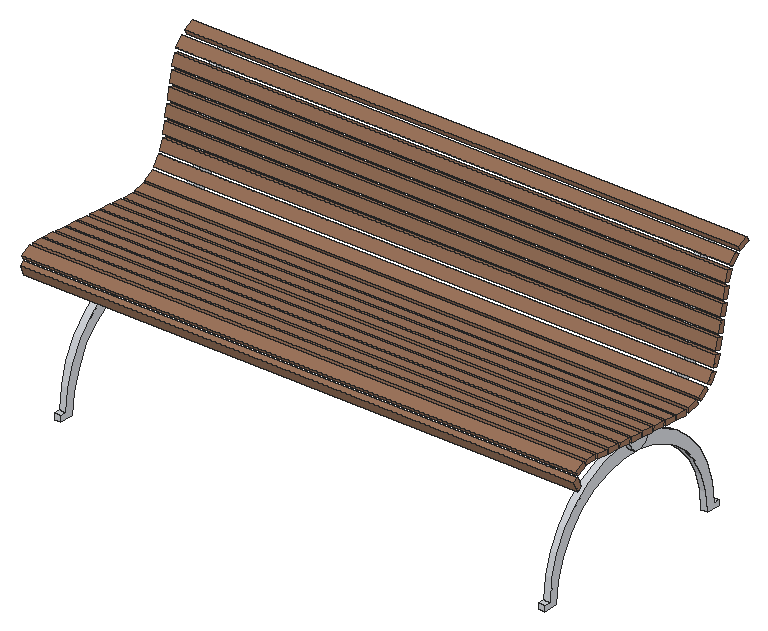
Revit family
Parameters
  Wood = Wood
  URL = "http://www.streetfurniture.com/index.php/products/display/seats/galleria-seat"
  Model = "Galleria"
  Metal = none
  Manufacturer = "Street Furtniture Australia"
  Made = "www.revittutorialsonline.com"
  Description = "Seat"
Reference planes
  plane 1 "Center (Front/Back)": y = 0
  plane 2: z = 0
  plane 3 "Center (Left/Right)": x = 0
Forms (mm)
  Extrusion 1, solid, not visible
    sketch origin (124.683, 0, -0.003) x (0, -1, 0) y (0, 0, 1)
      loop
        circle (0, 340) r 35
    from 0 to 250
  Extrusion 2, solid, not visible
    sketch origin (124.683, -181.142, -64.926) x (0, -0.996485, -0.083769) y (0, -0.083769, 0.996485)
      loop
        line (-346.061, 472.198) -> (-346.061, 457.198) -> (-311.061, 457.198) -> (-311.061, 472.198) -> (-346.061, 472.198)
    from 0 to 250
  Extrusion 3, solid, not visible
    sketch origin (124.683, -225.983, -68.695) x (0, -0.996485, -0.083769) y (0, -0.083769, 0.996485)
      loop
        line (-346.061, 472.198) -> (-346.061, 457.198) -> (-311.061, 457.198) -> (-311.061, 472.198) -> (-346.061, 472.198)
    from 0 to 250
  Extrusion 4, solid, not visible
    sketch origin (124.683, -270.825, -72.465) x (0, -0.996485, -0.083769) y (0, -0.083769, 0.996485)
      loop
        line (-346.061, 472.198) -> (-346.061, 457.198) -> (-311.061, 457.198) -> (-311.061, 472.198) -> (-346.061, 472.198)
    from 0 to 250
  Extrusion 5, solid, not visible
    sketch origin (124.683, -315.667, -76.235) x (0, -0.996485, -0.083769) y (0, -0.083769, 0.996485)
      loop
        line (-346.061, 472.198) -> (-346.061, 457.198) -> (-311.061, 457.198) -> (-311.061, 472.198) -> (-346.061, 472.198)
    from 0 to 250
  Extrusion 6, solid, not visible
    sketch origin (124.683, -360.509, -80.004) x (0, -0.996485, -0.083769) y (0, -0.083769, 0.996485)
      loop
        line (-346.061, 472.198) -> (-346.061, 457.198) -> (-311.061, 457.198) -> (-311.061, 472.198) -> (-346.061, 472.198)
    from 0 to 250
  Extrusion 7, solid, not visible
    sketch origin (124.683, -136.3, -61.156) x (0, -0.996485, -0.083769) y (0, -0.083769, 0.996485)
      loop
        line (-346.061, 472.198) -> (-346.061, 457.198) -> (-311.061, 457.198) -> (-311.061, 472.198) -> (-346.061, 472.198)
    from 0 to 250
  Extrusion 8, solid, not visible
    sketch origin (124.683, -91.458, -57.387) x (0, -0.996485, -0.083769) y (0, -0.083769, 0.996485)
      loop
        line (-346.061, 472.198) -> (-346.061, 457.198) -> (-311.061, 457.198) -> (-311.061, 472.198) -> (-346.061, 472.198)
    from 0 to 250
  Extrusion 9, solid, not visible
    sketch origin (124.683, -46.616, -53.617) x (0, -0.996485, -0.083769) y (0, -0.083769, 0.996485)
      loop
        line (-346.061, 472.198) -> (-346.061, 457.198) -> (-311.061, 457.198) -> (-311.061, 472.198) -> (-346.061, 472.198)
    from 0 to 250
  Extrusion 10, solid, not visible
    sketch origin (124.683, -18.72, -39.481) x (0, -0.998802, -0.048942) y (0, -0.048942, 0.998802)
      loop
        line (-346.061, 472.198) -> (-346.061, 457.198) -> (-311.061, 457.198) -> (-311.061, 472.198) -> (-346.061, 472.198)
    from 0 to 250
  Extrusion 11, solid, not visible
    sketch origin (124.683, -172.86, 160.052) x (0, -0.897299, 0.441423) y (0, 0.441423, 0.897299)
      loop
        line (-346.061, 472.198) -> (-346.061, 457.198) -> (-311.061, 457.198) -> (-311.061, 472.198) -> (-346.061, 472.198)
    from 0 to 250
  Extrusion 12, solid, not visible
    sketch origin (124.683, 46.439, 881.236) x (0, 0.403199, 0.915112) y (0, 0.915112, -0.403199)
      loop
        line (-346.061, 472.198) -> (-346.061, 457.198) -> (-311.061, 457.198) -> (-311.061, 472.198) -> (-346.061, 472.198)
    from 0 to 250
  Extrusion 13, solid, not visible
    sketch origin (124.683, -536.828, 29.457) x (0, -0.977435, 0.211235) y (0, 0.211235, 0.977435)
      loop
        line (-346.061, 472.198) -> (-346.061, 457.198) -> (-311.061, 457.198) -> (-311.061, 472.198) -> (-346.061, 472.198)
    from 0 to 250
  Extrusion 14, solid, not visible
    sketch origin (124.683, -153.824, -136.91) x (0, 0.821097, -0.570789) y (0, -0.570789, -0.821097)
      loop
        line (-346.061, -472.198) -> (-311.061, -472.198) -> (-311.061, -457.198) -> (-346.061, -457.198) -> (-346.061, -472.198)
    from 0 to 250
  Extrusion 15, solid, not visible
    sketch origin (124.683, -759.547, 468.171) x (0, -0.570789, 0.821097) y (0, 0.821097, 0.570789)
      loop
        line (-346.061, 472.198) -> (-346.061, 457.198) -> (-311.061, 457.198) -> (-311.061, 472.198) -> (-346.061, 472.198)
    from 0 to 250
  Extrusion 16, solid, not visible
    sketch origin (124.683, -556.886, 52.036) x (0, 0.29562, -0.955306) y (0, -0.955306, -0.29562)
      loop
        line (-346.061, -472.198) -> (-311.061, -472.198) -> (-311.061, -457.198) -> (-346.061, -457.198) -> (-346.061, -472.198)
    from 0 to 250
  Extrusion 17, solid, not visible
    sketch origin (124.683, -743.095, 771.444) x (0, -0.207912, 0.978148) y (0, 0.978148, 0.207912)
      loop
        line (-346.061, 472.198) -> (-346.061, 457.198) -> (-311.061, 457.198) -> (-311.061, 472.198) -> (-346.061, 472.198)
    from 0 to 250
  Extrusion 18, solid, not visible
    sketch origin (124.683, -752.451, 815.46) x (0, -0.207912, 0.978148) y (0, 0.978148, 0.207912)
      loop
        line (-346.061, 472.198) -> (-346.061, 457.198) -> (-311.061, 457.198) -> (-311.061, 472.198) -> (-346.061, 472.198)
    from 0 to 250
  Extrusion 19, solid, not visible
    sketch origin (124.683, -761.807, 859.477) x (0, -0.207912, 0.978148) y (0, 0.978148, 0.207912)
      loop
        line (-346.061, 472.198) -> (-346.061, 457.198) -> (-311.061, 457.198) -> (-311.061, 472.198) -> (-346.061, 472.198)
    from 0 to 250
  Extrusion 20, solid, not visible
    sketch origin (124.683, -771.163, 903.494) x (0, -0.207912, 0.978148) y (0, 0.978148, 0.207912)
      loop
        line (-346.061, 472.198) -> (-346.061, 457.198) -> (-311.061, 457.198) -> (-311.061, 472.198) -> (-346.061, 472.198)
    from 0 to 250
  Extrusion 21, solid, not visible
    sketch origin (124.683, -798.432, 901.085) x (0, -0.292372, 0.956305) y (0, 0.956305, 0.292372)
      loop
        line (-346.061, 472.198) -> (-346.061, 457.198) -> (-311.061, 457.198) -> (-311.061, 472.198) -> (-346.061, 472.198)
    from 0 to 250
  Extrusion 22, solid, not visible
    sketch origin (124.683, -404.841, 206.282) x (0, 0.669131, -0.743145) y (0, -0.743145, -0.669131)
      loop
        line (-346.061, -472.198) -> (-311.061, -472.198) -> (-311.061, -457.198) -> (-346.061, -457.198) -> (-346.061, -472.198)
    from 0 to 250
  Extrusion 23, solid, not visible
    sketch origin (124.683, -800.773, 488.436) x (0, -0.920505, 0.390731) y (0, 0.390731, 0.920505)
      loop
        line (-346.061, 472.198) -> (-346.061, 457.198) -> (-311.061, 457.198) -> (-311.061, 472.198) -> (-346.061, 472.198)
    from 0 to 250
  Extrusion 24, solid, material <- "Metal"
    sketch origin (875, 7.5, 6.25) x (0, -1, 0) y (0, 0, 1)
      loop
        circle (0, 340) r 35
    from 84.151 to 1665
  Extrusion 25, solid, material "Wood" <- "Wood"
    sketch origin (875, -181.142, -64.922) x (0, -0.996485, -0.083769) y (0, -0.083769, 0.996485)
      loop
        line (-98.639, 492.997) -> (-133.148, 487.154) -> (-130.644, 472.364) -> (-96.135, 478.208) -> (-98.639, 492.997)
    from 0 to 1750
  Extrusion 26, solid, material "Wood" <- "Wood"
    sketch origin (875, -225.983, -68.692) x (0, -0.996485, -0.083769) y (0, -0.083769, 0.996485)
      loop
        line (-188.008, 485.484) -> (-222.517, 479.641) -> (-220.012, 464.852) -> (-185.503, 470.695) -> (-188.008, 485.484)
    from 0 to 1750
  Extrusion 27, solid, material "Wood" <- "Wood"
    sketch origin (875, -270.825, -72.462) x (0, -0.996485, -0.083769) y (0, -0.083769, 0.996485)
      loop
        line (-277.376, 477.972) -> (-311.885, 472.128) -> (-309.381, 457.339) -> (-274.872, 463.182) -> (-277.376, 477.972)
    from 0 to 1750
  Extrusion 28, solid, material "Wood" <- "Wood"
    sketch origin (875, -315.667, -76.231) x (0, -0.996485, -0.083769) y (0, -0.083769, 0.996485)
      loop
        line (-366.745, 470.459) -> (-401.253, 464.616) -> (-398.749, 449.826) -> (-364.24, 455.669) -> (-366.745, 470.459)
    from 0 to 1750
  Extrusion 29, solid, material "Wood" <- "Wood"
    sketch origin (875, -360.509, -80.001) x (0, -0.996485, -0.083769) y (0, -0.083769, 0.996485)
      loop
        line (-456.113, 462.946) -> (-490.622, 457.103) -> (-488.118, 442.313) -> (-453.609, 448.157) -> (-456.113, 462.946)
    from 0 to 1750
  Extrusion 30, solid, material "Wood" <- "Wood"
    sketch origin (875, -136.3, -61.153) x (0, -0.996485, -0.083769) y (0, -0.083769, 0.996485)
      loop
        line (-9.271, 500.51) -> (-43.78, 494.667) -> (-41.275, 479.877) -> (-6.767, 485.72) -> (-9.271, 500.51)
    from 0 to 1750
  Extrusion 31, solid, material "Wood" <- "Wood"
    sketch origin (875, -91.458, -57.383) x (0, -0.996485, -0.083769) y (0, -0.083769, 0.996485)
      loop
        line (80.098, 508.023) -> (45.589, 502.179) -> (48.093, 487.39) -> (82.602, 493.233) -> (80.098, 508.023)
    from 0 to 1750
  Extrusion 32, solid, material "Wood" <- "Wood"
    sketch origin (875, -46.616, -53.614) x (0, -0.996485, -0.083769) y (0, -0.083769, 0.996485)
      loop
        line (169.466, 515.535) -> (134.957, 509.692) -> (137.462, 494.903) -> (171.97, 500.746) -> (169.466, 515.535)
    from 0 to 1750
  Extrusion 33, solid, material "Wood" <- "Wood"
    sketch origin (875, -18.72, -39.477) x (0, -0.998802, -0.048942) y (0, -0.048942, 0.998802)
      loop
        line (260.843, 501.936) -> (226.011, 498.514) -> (227.478, 483.586) -> (262.31, 487.008) -> (260.843, 501.936)
    from 0 to 1750
  Extrusion 34, solid, material "Wood" <- "Wood"
    sketch origin (875, -172.86, 160.055) x (0, -0.897299, 0.441423) y (0, 0.441423, 0.897299)
      loop
        line (275.048, 166.645) -> (253.687, 194.371) -> (241.805, 185.217) -> (263.165, 157.491) -> (275.048, 166.645)
    from 0 to 1750
  Extrusion 35, solid, material "Wood" <- "Wood"
    sketch origin (875, 46.439, 881.239) x (0, 0.403199, 0.915112) y (0, 0.915112, -0.403199)
      loop
        line (-619.447, -148.288) -> (-595.827, -174.116) -> (-584.758, -163.993) -> (-608.378, -138.165) -> (-619.447, -148.288)
    from 0 to 1750
  Extrusion 36, solid, material "Wood" <- "Wood"
    sketch origin (875, -536.828, 29.461) x (0, -0.977435, 0.211235) y (0, 0.211235, 0.977435)
      loop
        line (-539.263, 513.951) -> (-571.14, 528.404) -> (-577.334, 514.742) -> (-545.458, 500.29) -> (-539.263, 513.951)
    from 0 to 1750
  Extrusion 37, solid, material "Wood" <- "Wood"
    sketch origin (875, -153.824, -136.907) x (0, 0.821097, -0.570789) y (0, -0.570789, -0.821097)
      loop
        line (-69.436, -664.494) -> (-55.376, -659.268) -> (-67.57, -626.461) -> (-81.63, -631.687) -> (-69.436, -664.494)
    from 0 to 1750
  Extrusion 38, solid, material "Wood" <- "Wood"
    sketch origin (875, -759.547, 468.174) x (0, -0.570789, 0.821097) y (0, 0.821097, 0.570789)
      loop
        line (-545.038, 758.431) -> (-532.844, 791.239) -> (-546.904, 796.465) -> (-559.098, 763.657) -> (-545.038, 758.431)
    from 0 to 1750
  Extrusion 39, solid, material "Wood" <- "Wood"
    sketch origin (875, -556.886, 52.04) x (0, 0.29562, -0.955306) y (0, -0.955306, -0.29562)
      loop
        line (-223.026, -869.787) -> (-214.554, -882.165) -> (-185.672, -862.397) -> (-194.144, -850.018) -> (-223.026, -869.787)
    from 0 to 1750
  Extrusion 40, solid, material "Wood" <- "Wood"
    sketch origin (875, -743.095, 771.447) x (0, -0.207912, 0.978148) y (0, 0.978148, 0.207912)
      loop
        line (-433.079, 881.584) -> (-401.105, 895.82) -> (-407.206, 909.523) -> (-439.18, 895.287) -> (-433.079, 881.584)
    from 0 to 1750
  Extrusion 41, solid, material "Wood" <- "Wood"
    sketch origin (875, -752.451, 815.464) x (0, -0.207912, 0.978148) y (0, 0.978148, 0.207912)
      loop
        line (-436.969, 899.887) -> (-404.995, 914.123) -> (-411.096, 927.826) -> (-443.07, 913.59) -> (-436.969, 899.887)
    from 0 to 1750
  Extrusion 42, solid, material "Wood" <- "Wood"
    sketch origin (875, -761.807, 859.48) x (0, -0.207912, 0.978148) y (0, 0.978148, 0.207912)
      loop
        line (-440.86, 918.19) -> (-408.885, 932.426) -> (-414.986, 946.129) -> (-446.961, 931.893) -> (-440.86, 918.19)
    from 0 to 1750
  Extrusion 43, solid, material "Wood" <- "Wood"
    sketch origin (875, -771.163, 903.497) x (0, -0.207912, 0.978148) y (0, 0.978148, 0.207912)
      loop
        line (-444.75, 936.493) -> (-412.776, 950.729) -> (-418.877, 964.432) -> (-450.851, 950.197) -> (-444.75, 936.493)
    from 0 to 1750
  Extrusion 44, solid, material "Wood" <- "Wood"
    sketch origin (875, -798.432, 901.089) x (0, -0.292372, 0.956305) y (0, 0.956305, 0.292372)
      loop
        line (-489.726, 942.104) -> (-460.709, 961.676) -> (-469.097, 974.111) -> (-498.113, 954.539) -> (-489.726, 942.104)
    from 0 to 1750
  Extrusion 45, solid, material "Wood" <- "Wood"
    sketch origin (875, -404.841, 206.285) x (0, 0.669131, -0.743145) y (0, -0.743145, -0.669131)
      loop
        line (36, -896.519) -> (50.917, -898.087) -> (54.576, -863.278) -> (39.658, -861.71) -> (36, -896.519)
    from 0 to 1750
  Extrusion 46, solid, material "Wood" <- "Wood"
    sketch origin (875, -800.773, 488.439) x (0, -0.920505, 0.390731) y (0, 0.390731, 0.920505)
      loop
        line (-894.166, 704.855) -> (-918.48, 730.032) -> (-929.27, 719.612) -> (-904.957, 694.435) -> (-894.166, 704.855)
    from 0 to 1750
  Extrusion 47, solid, material <- "Metal"
    sketch origin (875, 0, 0) x (0, 1, 0) y (0, 0, 1)
      loop
        line (299.839, 0) -> (342.076, 0) -> (342.076, 17.924) -> (322.076, 17.924)
        arc (322.076, 17.924) -> (247.532, 223.984) -> (58.408, 334.66) r 322.076
        arc (58.408, 334.66) -> (50.31, 345.821) -> (61.059, 354.459) r 10
        line (61.059, 354.459) -> (87.878, 352.204)
        arc (87.878, 352.204) -> (204.302, 393.432) -> (268.835, 498.741) r 185
        line (268.835, 498.741) -> (295.037, 712.138)
        arc (295.037, 712.138) -> (304.925, 736.469) -> (325.719, 752.511) r 50.353
        arc (325.719, 752.511) -> (336.505, 767.199) -> (328.499, 783.569) r 17.601
        arc (328.499, 783.569) -> (286.509, 758.587) -> (263.759, 715.348) r 90
        line (263.759, 715.348) -> (219.928, 509.136)
        arc (219.928, 509.136) -> (168.363, 428.82) -> (76.569, 402.679) r 135
        line (76.569, 402.679) -> (-284.487, 433.031)
        arc (-284.487, 433.031) -> (-307.63, 431.375) -> (-329.16, 422.724) r 75
        arc (-329.16, 422.724) -> (-336.49, 413.614) -> (-335.053, 402.01) r 15
        line (-335.053, 402.01) -> (-322.553, 380.359)
        arc (-322.553, 380.359) -> (-312.308, 377.614) -> (-309.563, 387.859) r 7.5
        arc (-309.563, 387.859) -> (-308.935, 402.228) -> (-295.647, 407.732) r 13.384
        line (-295.647, 407.732) -> (-48.715, 359.733)
        arc (-48.715, 359.733) -> (-39.06, 347.788) -> (-49.17, 336.225) r 11.934
        arc (-49.17, 336.225) -> (-244.509, 227.562) -> (-322.076, 17.924) r 322.076
        line (-322.076, 17.924) -> (-342.076, 17.924) -> (-342.076, 0) -> (-299.839, 0)
        arc (-299.839, 0) -> (0, 299.839) -> (299.839, 0) r 299.839
      loop
        circle (7.5, 346.25) r 35
    from -120.026 to -99.518
  Extrusion 48, solid, material <- "Metal"
    sketch origin (-875, 0, 0) x (0, 1, 0) y (0, 0, -1)
      loop
        arc (299.839, 0) -> (0, -299.839) -> (-299.839, 0) r 299.839
        line (-299.839, 0) -> (-342.076, 0) -> (-342.076, -17.924) -> (-322.076, -17.924)
        arc (-322.076, -17.924) -> (-244.509, -227.562) -> (-49.17, -336.225) r 322.076
        arc (-49.17, -336.225) -> (-39.06, -347.788) -> (-48.715, -359.733) r 11.934
        line (-48.715, -359.733) -> (-295.647, -407.732)
        arc (-295.647, -407.732) -> (-308.935, -402.228) -> (-309.563, -387.859) r 13.384
        arc (-309.563, -387.859) -> (-312.308, -377.614) -> (-322.553, -380.359) r 7.5
        line (-322.553, -380.359) -> (-335.053, -402.01)
        arc (-335.053, -402.01) -> (-336.49, -413.614) -> (-329.16, -422.724) r 15
        arc (-329.16, -422.724) -> (-307.63, -431.375) -> (-284.487, -433.031) r 75
        line (-284.487, -433.031) -> (76.569, -402.679)
        arc (76.569, -402.679) -> (168.363, -428.82) -> (219.928, -509.136) r 135
        line (219.928, -509.136) -> (263.759, -715.348)
        arc (263.759, -715.348) -> (286.509, -758.587) -> (328.499, -783.569) r 90
        arc (328.499, -783.569) -> (336.505, -767.199) -> (325.719, -752.511) r 17.601
        arc (325.719, -752.511) -> (304.925, -736.469) -> (295.037, -712.138) r 50.353
        line (295.037, -712.138) -> (268.835, -498.741)
        arc (268.835, -498.741) -> (204.302, -393.432) -> (87.878, -352.204) r 185
        line (87.878, -352.204) -> (61.059, -354.459)
        arc (61.059, -354.459) -> (50.31, -345.821) -> (58.408, -334.66) r 10
        arc (58.408, -334.66) -> (247.532, -223.984) -> (322.076, -17.924) r 322.076
        line (322.076, -17.924) -> (342.076, -17.924) -> (342.076, 0) -> (299.839, 0)
      loop
        circle (7.5, -346.25) r 35
    from -120.026 to -99.518
Lines and regions (mm)
  model lines, not visible
    curve 1: line (124.683, 352.5, -0.003) -> (124.683, -352.5, -0.003)
    curve 2: line (124.683, -352.5, -0.003) -> (124.683, -352.5, 789.997)
    curve 3: line (124.683, 352.5, -0.003) -> (124.683, 352.5, 434.997)
    curve 4: line (124.683, 352.5, 339.997) -> (124.683, -352.5, 339.997)
    curve 5: line (124.683, -352.5, 789.997) -> (124.683, -328.499, 783.566)
    curve 6: line (124.683, -263.759, 715.344) -> (124.683, -219.928, 509.133)
    curve 7: line (124.683, -76.569, 402.675) -> (124.683, 284.487, 433.027)
    curve 8: line (124.683, 328.27, 423.243) -> (124.683, 329.563, 422.497)
    curve 9: line (124.683, 335.053, 402.006) -> (124.683, 322.553, 380.356)
    curve 10: arc (124.683, -263.759, 715.344) -> (124.683, -286.509, 758.584) -> (124.683, -328.499, 783.566) r 90
    curve 11: arc (124.683, -76.569, 402.675) -> (124.683, -168.363, 428.817) -> (124.683, -219.928, 509.133) r 135
    curve 12: arc (124.683, 328.27, 423.243) -> (124.683, 307.127, 431.486) -> (124.683, 284.487, 433.027) r 75
    curve 13: arc (124.683, 335.053, 402.006) -> (124.683, 336.551, 413.389) -> (124.683, 329.563, 422.497) r 15
    curve 14: line (124.683, 353.133, 406.191) -> (124.683, 339.021, 374.162)
    curve 15: line (124.683, 339.021, 374.162) -> (124.683, 325.295, 380.21)
    curve 16: line (124.683, 325.295, 380.21) -> (124.683, 339.407, 412.239)
    curve 17: line (124.683, 339.407, 412.239) -> (124.683, 353.133, 406.191)
    curve 18: line (124.683, 339.478, 417.536) -> (124.683, 308.072, 432.985)
    curve 19: line (124.683, 308.072, 432.985) -> (124.683, 314.694, 446.445)
    curve 20: line (124.683, 314.694, 446.445) -> (124.683, 346.099, 430.995)
    curve 21: line (124.683, 346.099, 430.995) -> (124.683, 339.478, 417.536)
    curve 22: line (124.683, 268.858, 447.375) -> (124.683, 303.816, 449.088)
    curve 23: line (124.683, 303.816, 449.088) -> (124.683, 304.55, 434.106)
    curve 24: line (124.683, 304.55, 434.106) -> (124.683, 269.592, 432.393)
    curve 25: line (124.683, 269.592, 432.393) -> (124.683, 268.858, 447.375)
    curve 26: line (124.683, 223.796, 442.978) -> (124.683, 258.673, 445.91)
    curve 27: line (124.683, 258.673, 445.91) -> (124.683, 259.929, 430.963)
    curve 28: line (124.683, 259.929, 430.963) -> (124.683, 225.052, 428.031)
    curve 29: line (124.683, 225.052, 428.031) -> (124.683, 223.796, 442.978)
    curve 30: line (124.683, 178.954, 439.209) -> (124.683, 213.831, 442.141)
    curve 31: line (124.683, 213.831, 442.141) -> (124.683, 215.087, 427.193)
    curve 32: line (124.683, 215.087, 427.193) -> (124.683, 180.21, 424.261)
    curve 33: line (124.683, 180.21, 424.261) -> (124.683, 178.954, 439.209)
    curve 34: line (124.683, 134.112, 435.439) -> (124.683, 168.989, 438.371)
    curve 35: line (124.683, 168.989, 438.371) -> (124.683, 170.246, 423.424)
    curve 36: line (124.683, 170.246, 423.424) -> (124.683, 135.369, 420.492)
    curve 37: line (124.683, 135.369, 420.492) -> (124.683, 134.112, 435.439)
    curve 38: line (124.683, 89.27, 431.669) -> (124.683, 124.147, 434.601)
    curve 39: line (124.683, 124.147, 434.601) -> (124.683, 125.404, 419.654)
    curve 40: line (124.683, 125.404, 419.654) -> (124.683, 90.527, 416.722)
    curve 41: line (124.683, 90.527, 416.722) -> (124.683, 89.27, 431.669)
    curve 42: line (124.683, 44.428, 427.9) -> (124.683, 79.305, 430.832)
    curve 43: line (124.683, 79.305, 430.832) -> (124.683, 80.562, 415.884)
    curve 44: line (124.683, 80.562, 415.884) -> (124.683, 45.685, 412.953)
    curve 45: line (124.683, 45.685, 412.953) -> (124.683, 44.428, 427.9)
    curve 46: line (124.683, -0.413, 424.13) -> (124.683, 34.463, 427.062)
    curve 47: line (124.683, 34.463, 427.062) -> (124.683, 35.72, 412.115)
    curve 48: line (124.683, 35.72, 412.115) -> (124.683, 0.843, 409.183)
    curve 49: line (124.683, 0.843, 409.183) -> (124.683, -0.413, 424.13)
    curve 50: line (124.683, -45.255, 420.361) -> (124.683, -10.378, 423.293)
    curve 51: line (124.683, -10.378, 423.293) -> (124.683, -9.122, 408.345)
    curve 52: line (124.683, -9.122, 408.345) -> (124.683, -43.999, 405.413)
    curve 53: line (124.683, -43.999, 405.413) -> (124.683, -45.255, 420.361)
    curve 54: line (124.683, -90.097, 416.591) -> (124.683, -55.22, 419.523)
    curve 55: line (124.683, -55.22, 419.523) -> (124.683, -53.964, 404.576)
    curve 56: line (124.683, -53.964, 404.576) -> (124.683, -88.841, 401.644)
    curve 57: line (124.683, -88.841, 401.644) -> (124.683, -90.097, 416.591)
    curve 58: line (124.683, -133.042, 425.293) -> (124.683, -98.831, 417.9)
    curve 59: line (124.683, -98.831, 417.9) -> (124.683, -102, 403.238)
    curve 60: line (124.683, -102, 403.238) -> (124.683, -136.21, 410.632)
    curve 61: line (124.683, -136.21, 410.632) -> (124.683, -133.042, 425.293)
    curve 62: line (124.683, -168.448, 448.338) -> (124.683, -139.71, 428.36)
    curve 63: line (124.683, -139.71, 428.36) -> (124.683, -148.272, 416.044)
    curve 64: line (124.683, -148.272, 416.044) -> (124.683, -177.01, 436.021)
    curve 65: line (124.683, -177.01, 436.021) -> (124.683, -168.448, 448.338)
    curve 66: line (124.683, -194.277, 482.285) -> (124.683, -174.3, 453.547)
    curve 67: line (124.683, -174.3, 453.547) -> (124.683, -186.616, 444.985)
    curve 68: line (124.683, -186.616, 444.985) -> (124.683, -206.594, 473.723)
    curve 69: line (124.683, -206.594, 473.723) -> (124.683, -194.277, 482.285)
    curve 70: line (124.683, -208.095, 522.221) -> (124.683, -197.749, 488.786)
    curve 71: line (124.683, -197.749, 488.786) -> (124.683, -212.078, 484.351)
    curve 72: line (124.683, -212.078, 484.351) -> (124.683, -222.425, 517.787)
    curve 73: line (124.683, -222.425, 517.787) -> (124.683, -208.095, 522.221)
    curve 74: line (124.683, -216.543, 565.356) -> (124.683, -209.266, 531.121)
    curve 75: line (124.683, -209.266, 531.121) -> (124.683, -223.938, 528.002)
    curve 76: line (124.683, -223.938, 528.002) -> (124.683, -231.215, 562.237)
    curve 77: line (124.683, -231.215, 562.237) -> (124.683, -216.543, 565.356)
    curve 78: line (124.683, -225.899, 609.372) -> (124.683, -218.622, 575.137)
    curve 79: line (124.683, -218.622, 575.137) -> (124.683, -233.294, 572.019)
    curve 80: line (124.683, -233.294, 572.019) -> (124.683, -240.571, 606.254)
    curve 81: line (124.683, -240.571, 606.254) -> (124.683, -225.899, 609.372)
    curve 82: line (124.683, -227.978, 619.154) -> (124.683, -242.65, 616.035)
    curve 83: line (124.683, -242.65, 616.035) -> (124.683, -249.927, 650.27)
    curve 84: line (124.683, -249.927, 650.27) -> (124.683, -235.255, 653.389)
    curve 85: line (124.683, -235.255, 653.389) -> (124.683, -227.978, 619.154)
    curve 86: line (124.683, -244.611, 697.406) -> (124.683, -237.334, 663.171)
    curve 87: line (124.683, -237.334, 663.171) -> (124.683, -252.006, 660.052)
    curve 88: line (124.683, -252.006, 660.052) -> (124.683, -259.283, 694.287)
    curve 89: line (124.683, -259.283, 694.287) -> (124.683, -244.611, 697.406)
    curve 90: line (124.683, -255.922, 741.674) -> (124.683, -245.688, 708.203)
    curve 91: line (124.683, -245.688, 708.203) -> (124.683, -260.033, 703.817)
    curve 92: line (124.683, -260.033, 703.817) -> (124.683, -270.266, 737.288)
    curve 93: line (124.683, -270.266, 737.288) -> (124.683, -255.922, 741.674)
    curve 94: line (124.683, -285.49, 779.417) -> (124.683, -262.071, 753.407)
    curve 95: line (124.683, -262.071, 753.407) -> (124.683, -273.218, 743.37)
    curve 96: line (124.683, -273.218, 743.37) -> (124.683, -296.637, 769.38)
    curve 97: line (124.683, -296.637, 769.38) -> (124.683, -285.49, 779.417)
    curve 98: line (124.683, -329.938, 801.555) -> (124.683, -297.72, 787.88)
    curve 99: line (124.683, -297.72, 787.88) -> (124.683, -303.581, 774.072)
    curve 100: line (124.683, -303.581, 774.072) -> (124.683, -335.799, 787.748)
    curve 101: line (124.683, -335.799, 787.748) -> (124.683, -329.938, 801.555)
